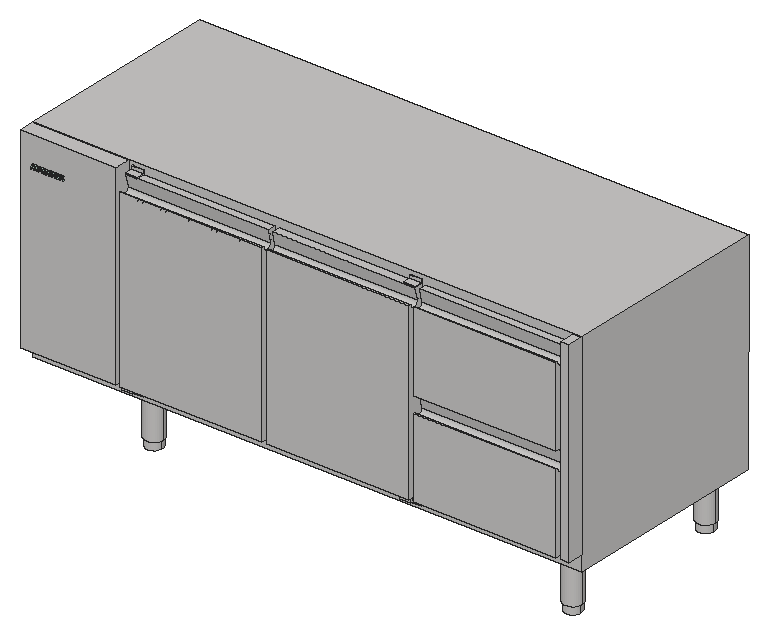
Revit family "QF_ALPENINOX_721130_AA3R7AAB", category Attrezzature speciali, Revit 2018
Family settings
  Quota connettore circolare = Usa diametro
  Tipo di parte = Normale
  Basato su piano di lavoro = No
  Sempre verticale = Sì
  Taglio con vuoti quando caricato = No
  Condiviso = No
  Punto di calcolo locali = No
Parameters (values of type "Standard")
  Weight = 112.00 kg
  Watts = 220 W
  Volts = 220 V
  URL Manufacturer = "http://www.alpeninox.com"
  URL = "http://www.alpeninox.com"
  Steam Supply Size = 0 mm
  Steam Supply Minimum Pressure = 0.0 Pa
  Steam Supply Maximum Pressure = 0.0 Pa
  Steam Consumption per Hour = 0
  Refrigeration Suction Line Size = 0 mm
  Refrigeration Liquid Line Size = 0 mm
  Refrigerant Compressor Remote = yes
  Produttore = "Alpeninox"
  Phase = 1
  Modello = "AA3R7AAB"
  Length Actual = 1695 mm  # constant formula
  Item Number = "721130"
  Hot Water Size = 0 mm
  Height Actual = 800 mm  # constant formula
  HP = "0.3 HP"
  Gas Size = 0 mm
  Gas KW = 0
  Gas Input Pressure = 0 W
  Direct Waste Size = 0 mm
  Descrizione = "2-DOOR AND 2X1/2-DRAWER REFRIGERATED COUNTER, -2+10°C, FULL AISI 304 (R290), WITHOUT WORK TOP"
  Depth Actual = 700 mm  # constant formula
  Cycle = 50 Hz
  Condensate Return Size = 0 mm
  Compressed Air Volume = 0.0 L/s
  Compressed Air Size = 0 mm
  Compressed Air Pressure = 0.0 Pa
  Cold Water Size = 0 mm
  Accessory = yes
Values of the unnamed type that differ from the named types
  Weight = 0.00 kg
  Watts = 0 W
  Volts = 0 V
  URL Manufacturer = ""
  Item Number = ""
  HP = ""
  Cycle = 0 Hz
Reference planes
  plane 1: z = 0
  plane 2 "Center (Left/Right)": x = -126.5
  plane 3 "Center (Front/Back)": y = 64.5
  plane 4 "FEET": z = 150
  plane 5 "TOP": z = 850
  plane 6 "PLAIN": z = 800
  plane 7 "EI_back": y = 103
  plane 8 "EI_left": x = -913
  plane 9 "BACK": y = 412
  plane 10 "FRONT": y = -283
  plane 11 "DOOR": y = -233
  plane 12 "LEFT": x = -974
  plane 13 "RIGHT": x = 721
  plane 14: x = -949
  plane 15: x = 696
Forms (mm)
  Extrusion 1, solid, material "QF_Finishes_Stainless Steel"
    sketch origin (-1022.223, -1524, 150) x (-1, 0, 0) y (0, -1, 0)
      loop
        circle (-109.223, -1627) r 5
    from 0 to -40
  Extrusion 2, solid, material "QF_Finishes_Stainless Steel"
    sketch origin (-1022.223, -1524, 150) x (-1, 0, 0) y (0, -1, 0)
      loop
        line (-1718.223, -1291) -> (-1718.223, -1241) -> (-1743.223, -1241) -> (-1743.223, -1291) -> (-1718.223, -1291)
    from 48 to 650
  Extrusion 3, solid, material "QF_Finishes_Stainless Steel"
    sketch origin (-1022.223, -1524, 150) x (-1, 0, 0) y (0, -1, 0)
      loop
        line (-48.223, -1936) -> (-48.223, -1291) -> (-1743.223, -1291) -> (-1743.223, -1936) -> (-48.223, -1936)
    from 0 to 650
Lines and regions (mm)
  symbolic lines, style "SpecialityEquipmentHiddenLines"
    curve 1: line (-974, 412, 150) -> (721, 412, 150)
    curve 2: line (-974, -283, 150) -> (-974, 412, 150)
    curve 3: line (721, -283, 150) -> (-974, -283, 150)
    curve 4: line (721, 412, 150) -> (721, -283, 150)
    curve 5: line (-974, -233, 150) -> (721, -233, 150)
    curve 6: line (696, -283, 150) -> (696, -233, 150)
Dimensions and locks
  plane 4 "FEET" to level = 150 mm
  plane 11 "DOOR" to plane 10 "FRONT" = 50 mm
  plane 6 "PLAIN" to plane 4 "FEET" = 650 mm
  plane 5 "TOP" to plane 6 "PLAIN" = 50 mm
  plane 12 "LEFT" to plane 14 = 25 mm
  plane 15 to plane 13 "RIGHT" = 25 mm
  plane 9 "BACK" to plane 7 "EI_back" = 309 mm
  plane 12 "LEFT" to plane 8 "EI_left" = 61 mm
  plane 12 "LEFT" to plane 13 "RIGHT" = 1695 mm
  equal spacing: plane 12 "LEFT", plane 2 "Center (Left/Right)", plane 13 "RIGHT"
  plane 9 "BACK" to plane 10 "FRONT" = 695 mm
  equal spacing: plane 9 "BACK", plane 3 "Center (Front/Back)", plane 10 "FRONT"
  aligned and locked: level to plane 1
Automatic sketch dimensions
  Extrusion 1 sketch curve to plane 7 "EI_back" = 0 mm
  Extrusion 1 sketch curve to plane 8 "EI_left" = 0 mm
  Extrusion 2 sketch curve to plane 11 "DOOR" = 0 mm
  Extrusion 2 sketch curve to plane 13 "RIGHT" = 0 mm
  Extrusion 2 sketch curve to plane 10 "FRONT" = 0 mm
  Extrusion 2 sketch curve to plane 15 = 0 mm
  Extrusion 3 sketch curve to plane 9 "BACK" = 0 mm
  Extrusion 3 sketch curve to plane 13 "RIGHT" = 0 mm
  Extrusion 3 sketch curve to plane 11 "DOOR" = 0 mm
  Extrusion 3 sketch curve to plane 12 "LEFT" = 0 mm
  curve 1 to plane 13 "RIGHT" = 0 mm
  curve 6 to plane 10 "FRONT" = 0 mm
  curve 6 to plane 15 = 0 mm
  curve 5 to plane 12 "LEFT" = 0 mm
  curve 6 to plane 11 "DOOR" = 0 mm
  curve 1 to plane 9 "BACK" = 0 mm
  radius of Extrusion 1 sketch curve = 5 mm
Nested families
  nested 1: "HP_Refrigerator" at (721, -283, 0), type "HP_Refrigerator"
  nested 2: "HP_FEET" at (-640, 331, 0), type "HP_FEET"
  nested 3: "HP_FEET" at (655, 331, 0), type "HP_FEET"
  nested 4: "HP_FEET" at (-640, -183, 0), type "HP_FEET"
  nested 5: "HP_FEET" at (655, -183, 0), type "HP_FEET"
  nested 6: "HP_APX_BI_TN_L" at (-767.08, -233, 548) x (1, 0, 0) z (0, -1, 0), type "HP_APX_BI_TN_L"
    with Show Logo yes
  nested 7: "HP_APX_SD_L" at (-446, -233, 458.88) x (1, 0, 0) z (0, -1, 0), type "HP_APX_SD_L"
    with Show Clearance yes
  nested 8: "HP_APX_SD_R" at (8, -233, 458.88) x (1, 0, 0) z (0, -1, 0), type "HP_APX_SD_R"
    with Show Clearance yes
  nested 9: "HP_APX_HALF" at (462, -233, 458.08) x (1, 0, 0) z (0, -1, 0), type "HP_APX_HALF"
    with Show Clearance yes
Connectors
  electrical at (-913, 103, 110), driven by "Volts"
    settings: on Extrusion 1, index 1, voltage 220 V, apparent load 0 VA, apparent load phase1 0 VA, apparent load phase2 0 VA, apparent load phase3 0 VA, power factor 1, load classification "Other", number of poles 1, system type 31, power factor state 1, is connector primary yes, connector utility no, sub classification motor no, connector description "Electrical Connection"
Definition of nested family "HP_FEET"
  Parameters
    FEET = 150 mm
  Reference planes
    plane 1 "Center (Front/Back)": y = 0
    plane 2: z = 0
    plane 3 "Center (Left/Right)": x = 0
    plane 4: z = 150
  Forms (mm)
    Revolve 1, solid
      sketch origin (255.05, 0, 608.09) x (0, 0, 1) y (-1, 0, 0)
        loop
          line (-608.09, 255.05) -> (-608.09, 230.05) -> (-583.09, 230.05) -> (-583.09, 226.05) -> (-458.09, 226.05) -> (-458.09, 255.05) -> (-608.09, 255.05)
        axis (-608.09, 255.05) -> (-458.09, 255.05)
      angle from 0 to 360
  Dimensions and locks
    locked: Revolve 1 sketch curve to Revolve 1 sketch curve at 125
    "FEET": plane 4 to plane 2
    aligned and locked: level to plane 2
    aligned and locked: plane 4 to Revolve 1 sketch curve
    aligned and locked: Revolve 1 sketch curve to level
    aligned and locked: plane 3 "Center (Left/Right)" to Revolve 1 sketch curve
  Automatic sketch dimensions
    Revolve 1 sketch curve to plane 3 "Center (Left/Right)" = 0 mm
    Revolve 1 sketch curve to Revolve 1 sketch curve = 25 mm
    Revolve 1 sketch curve to Revolve 1 sketch curve = 29 mm
    plane 4 to Revolve 1 sketch curve = 50 mm
    Revolve 1 sketch curve to Revolve 1 sketch curve = 20 mm
Definition of nested family "HP_APX_BI_TN_L"
  Parameters
    Show Logo [instance] = yes
    Default Elevation = 1219.2 mm
  Reference planes
    plane 1 "Center (Front/Back)": y = -49
    plane 2: z = 0
    plane 3 "Center (Left/Right)": x = -59.92
    plane 4: x = -206.92
    plane 5: x = 87.08
    plane 6: y = 252
    plane 7: y = -350
  Forms (mm)
    Extrusion 1, solid
      sketch origin (0, 0, 0) x (1, 0, 0) y (0, 1, 0)
        loop
          line (-1219.2, 1219.2) -> (-1219.2, -1219.2) -> (1219.2, -1219.2) -> (1219.2, 1219.2) -> (-1219.2, 1219.2)
      from 0 to -304.8
    Extrusion 2, solid
      sketch origin (0, 0, 0) x (1, 0, 0) y (0, 1, 0)
        loop
          line (-206.92, 252) -> (-206.92, -350) -> (87.08, -350) -> (87.08, 252) -> (-206.92, 252)
      from 0 to 50
    Extrusion 3, solid
      sketch origin (0, 0, 0) x (1, 0, 0) y (0, 1, 0)
        loop
          line (-168.675, 170.349) -> (-172.411, 160.318)
          arc (-172.411, 160.318) -> (-171.624, 158.497) -> (-169.837, 159.36) r 1.374
          line (-169.837, 159.36) -> (-169.268, 161.111) -> (-164.1, 161.111) -> (-163.54, 159.379)
          arc (-163.54, 159.379) -> (-161.802, 158.542) -> (-161.049, 160.318) r 1.333
          line (-161.049, 160.318) -> (-164.694, 170.349)
          arc (-164.694, 170.349) -> (-166.685, 171.876) -> (-168.675, 170.349) r 2.06
        loop
          line (-166.681, 169.055) -> (-168.469, 163.655) -> (-164.935, 163.655) -> (-166.681, 169.055)
        loop
          arc (-159.705, 160.042) -> (-159.262, 158.973) -> (-158.194, 158.531) r 1.512
          line (-158.194, 158.531) -> (-153.608, 158.531)
          arc (-153.608, 158.531) -> (-152.337, 159.802) -> (-153.608, 161.074) r 1.272
          line (-153.608, 161.074) -> (-156.917, 161.074) -> (-156.917, 170.328)
          arc (-156.917, 170.328) -> (-158.311, 171.722) -> (-159.705, 170.328) r 1.394
          line (-159.705, 170.328) -> (-159.705, 160.042)
        loop
          line (-151.076, 170.218) -> (-151.076, 159.859)
          arc (-151.076, 159.859) -> (-149.683, 158.466) -> (-148.29, 159.859) r 1.393
          line (-148.29, 159.859) -> (-148.29, 162.882) -> (-146.225, 162.882)
          arc (-146.225, 162.882) -> (-142.999, 163.859) -> (-141.608, 166.928) r 4.082
          arc (-141.608, 166.928) -> (-142.993, 170.272) -> (-146.336, 171.657) r 4.728
          line (-146.336, 171.657) -> (-149.638, 171.657)
          arc (-149.638, 171.657) -> (-150.655, 171.235) -> (-151.076, 170.218) r 1.439
        loop
          line (-148.29, 165.313) -> (-146.388, 165.313)
          arc (-146.388, 165.313) -> (-144.433, 167.268) -> (-146.388, 169.222) r 1.955
          line (-146.388, 169.222) -> (-148.29, 169.222) -> (-148.29, 165.313)
        loop
          arc (-131.184, 166.332) -> (-132.004, 168.2) -> (-133.767, 169.228) r 3.3
          arc (-133.767, 169.228) -> (-136.353, 168.661) -> (-137.611, 166.332) r 3.176
          line (-137.611, 166.332) -> (-131.184, 166.332)
        loop
          line (-137.538, 163.743) -> (-130.544, 163.743)
          arc (-130.544, 163.743) -> (-129.292, 163.916) -> (-128.301, 164.701) r 2.4
          arc (-128.301, 164.701) -> (-128.155, 165.545) -> (-128.212, 166.399) r 3.635
          arc (-128.212, 166.399) -> (-130.364, 170.162) -> (-134.39, 171.769) r 6.579
          arc (-134.39, 171.769) -> (-138.918, 169.706) -> (-140.661, 165.044) r 6.501
          arc (-140.661, 165.044) -> (-139.276, 160.789) -> (-135.401, 158.549) r 6.252
          arc (-135.401, 158.549) -> (-132.922, 158.526) -> (-130.544, 159.232) r 8.361
          arc (-130.544, 159.232) -> (-129.466, 159.781) -> (-128.641, 160.666) r 3.486
          arc (-128.641, 160.666) -> (-128.419, 161.592) -> (-128.828, 162.451) r 1.425
          arc (-128.828, 162.451) -> (-129.368, 162.762) -> (-129.99, 162.762) r 1.203
          arc (-129.99, 162.762) -> (-130.406, 162.59) -> (-130.764, 162.316) r 1.724
          arc (-130.764, 162.316) -> (-131.666, 161.705) -> (-132.646, 161.229) r 7.6
          arc (-132.646, 161.229) -> (-135.676, 161.35) -> (-137.538, 163.743) r 3.6
        loop
          line (-126.669, 170.328) -> (-126.669, 159.859)
          arc (-126.669, 159.859) -> (-125.273, 158.463) -> (-123.878, 159.859) r 1.396
          line (-123.878, 159.859) -> (-123.878, 166.785) -> (-117.946, 159.029)
          arc (-117.946, 159.029) -> (-116.361, 158.51) -> (-115.379, 159.859) r 1.417
          line (-115.379, 159.859) -> (-115.379, 170.328)
          arc (-115.379, 170.328) -> (-116.774, 171.723) -> (-118.169, 170.328) r 1.395
          line (-118.169, 170.328) -> (-118.169, 163.311) -> (-124.101, 171.157)
          arc (-124.101, 171.157) -> (-125.687, 171.678) -> (-126.669, 170.328) r 1.418
        loop
          arc (-113.636, 159.859) -> (-112.241, 158.464) -> (-110.847, 159.859) r 1.394
          line (-110.847, 159.859) -> (-110.847, 170.328)
          arc (-110.847, 170.328) -> (-112.241, 171.723) -> (-113.636, 170.328) r 1.394
          line (-113.636, 170.328) -> (-113.636, 159.859)
        loop
          line (-109.102, 170.328) -> (-109.102, 159.859)
          arc (-109.102, 159.859) -> (-107.706, 158.463) -> (-106.31, 159.859) r 1.396
          line (-106.31, 159.859) -> (-106.31, 166.785) -> (-100.378, 159.029)
          arc (-100.378, 159.029) -> (-98.793, 158.51) -> (-97.812, 159.859) r 1.417
          line (-97.812, 159.859) -> (-97.812, 170.328)
          arc (-97.812, 170.328) -> (-99.207, 171.723) -> (-100.602, 170.328) r 1.395
          line (-100.602, 170.328) -> (-100.602, 163.311) -> (-106.533, 171.157)
          arc (-106.533, 171.157) -> (-108.119, 171.678) -> (-109.102, 170.328) r 1.418
        loop
          arc (-96.345, 165.093) -> (-95.619, 161.877) -> (-93.467, 159.379) r 6.806
          arc (-93.467, 159.379) -> (-91.792, 158.566) -> (-89.948, 158.31) r 5.956
          arc (-89.948, 158.31) -> (-88.104, 158.566) -> (-86.43, 159.379) r 5.956
          arc (-86.43, 159.379) -> (-84.277, 161.877) -> (-83.551, 165.093) r 6.806
          arc (-83.551, 165.093) -> (-84.277, 168.31) -> (-86.43, 170.808) r 6.806
          arc (-86.43, 170.808) -> (-88.104, 171.621) -> (-89.948, 171.877) r 5.956
          arc (-89.948, 171.877) -> (-91.792, 171.621) -> (-93.467, 170.808) r 5.956
          arc (-93.467, 170.808) -> (-95.619, 168.31) -> (-96.345, 165.093) r 6.806
        loop
          arc (-93.425, 165.093) -> (-93.138, 163.212) -> (-92.081, 161.629) r 4.387
          arc (-92.081, 161.629) -> (-91.087, 161.049) -> (-89.948, 160.881) r 3.035
          arc (-89.948, 160.881) -> (-88.809, 161.049) -> (-87.815, 161.629) r 3.035
          arc (-87.815, 161.629) -> (-86.759, 163.212) -> (-86.472, 165.093) r 4.387
          arc (-86.472, 165.093) -> (-86.759, 166.975) -> (-87.815, 168.558) r 4.387
          arc (-87.815, 168.558) -> (-88.809, 169.138) -> (-89.948, 169.306) r 3.035
          arc (-89.948, 169.306) -> (-91.087, 169.138) -> (-92.081, 168.558) r 3.035
          arc (-92.081, 168.558) -> (-93.138, 166.975) -> (-93.425, 165.093) r 4.387
        loop
          line (-83.139, 169.609) -> (-80.126, 165.552) -> (-83.81, 160.652)
          arc (-83.81, 160.652) -> (-83.512, 158.692) -> (-81.559, 159.029) r 1.388
          line (-81.559, 159.029) -> (-78.51, 163.232) -> (-75.461, 159.029)
          arc (-75.461, 159.029) -> (-73.507, 158.692) -> (-73.21, 160.652) r 1.388
          line (-73.21, 160.652) -> (-76.894, 165.552) -> (-73.881, 169.609)
          arc (-73.881, 169.609) -> (-74.249, 171.597) -> (-76.205, 171.084) r 1.38
          line (-76.205, 171.084) -> (-78.51, 167.841) -> (-80.815, 171.084)
          arc (-80.815, 171.084) -> (-82.771, 171.597) -> (-83.139, 169.609) r 1.38
      from 50 to 51.6
    Extrusion 4, solid, not visible
      sketch origin (0, 0, 0) x (1, 0, 0) y (0, 1, 0)
        loop
          line (-206.92, 252) -> (-206.92, -400) -> (87.08, -400) -> (87.08, 252) -> (-206.92, 252)
      from 0 to 50
  Lines and regions (mm)
    Split face 1
      outline origin (0, 0, 50) x (1, 0, 0) y (0, 1, 0)
        loop
          line (87.08, 183) -> (-172.92, 183)
          arc (-172.92, 183) -> (-190.42, 165.5) -> (-172.92, 148) r 17.5
          line (-172.92, 148) -> (87.08, 148)
    Split face 2
      outline origin (-38, 0, 50) x (1, 0, 0) y (0, 1, 0)
        loop
          line (-5.42, 177) -> (-5.42, 154) -> (64.58, 154) -> (64.58, 177) -> (-5.42, 177)
    Split face 3
      outline origin (-38, 0, 50) x (1, 0, 0) y (0, 1, 0)
        loop
          line (44.58, 174) -> (44.58, 157) -> (61.58, 157) -> (61.58, 174) -> (44.58, 174)
    Split face 4
      outline origin (0, 0, 50) x (1, 0, 0) y (0, 1, 0)
        loop
          line (-206.92, 188) -> (87.08, 188)
    Split face 5
      outline origin (0, 0, 50) x (1, 0, 0) y (0, 1, 0)
        loop
          arc (-163.464, 131.824) -> (-167.464, 127.824) -> (-163.464, 123.824) r 4
          line (-163.464, 123.824) -> (-121.464, 123.824)
          arc (-121.464, 123.824) -> (-117.464, 127.824) -> (-121.464, 131.824) r 4
          line (-121.464, 131.824) -> (-163.464, 131.824)
    Split face 6
      outline origin (330, 0, 50) x (1, 0, 0) y (0, 1, 0)
        loop
          arc (-328.464, 131.824) -> (-332.464, 127.824) -> (-328.464, 123.824) r 4
          line (-328.464, 123.824) -> (-286.464, 123.824)
          arc (-286.464, 123.824) -> (-282.464, 127.824) -> (-286.464, 131.824) r 4
          line (-286.464, 131.824) -> (-328.464, 131.824)
    Split face 7
      outline origin (110, 0, 50) x (1, 0, 0) y (0, 1, 0)
        loop
          arc (-218.464, 131.824) -> (-222.464, 127.824) -> (-218.464, 123.824) r 4
          line (-218.464, 123.824) -> (-176.464, 123.824)
          arc (-176.464, 123.824) -> (-172.464, 127.824) -> (-176.464, 131.824) r 4
          line (-176.464, 131.824) -> (-218.464, 131.824)
    Split face 8
      outline origin (220, 0, 50) x (1, 0, 0) y (0, 1, 0)
        loop
          arc (-273.464, 131.824) -> (-277.464, 127.824) -> (-273.464, 123.824) r 4
          line (-273.464, 123.824) -> (-231.464, 123.824)
          arc (-231.464, 123.824) -> (-227.464, 127.824) -> (-231.464, 131.824) r 4
          line (-231.464, 131.824) -> (-273.464, 131.824)
    Split face 9, not visible
      outline origin (0, 0, 50) x (1, 0, 0) y (0, 1, 0)
        loop
          arc (-163.464, 131.824) -> (-167.464, 127.824) -> (-163.464, 123.824) r 4
          line (-163.464, 123.824) -> (-121.464, 123.824)
          arc (-121.464, 123.824) -> (-117.464, 127.824) -> (-121.464, 131.824) r 4
          line (-121.464, 131.824) -> (-163.464, 131.824)
    Split face 10
      outline origin (0, -24, 50) x (1, 0, 0) y (0, 1, 0)
        loop
          arc (-163.464, 143.824) -> (-167.464, 139.824) -> (-163.464, 135.824) r 4
          line (-163.464, 135.824) -> (-121.464, 135.824)
          arc (-121.464, 135.824) -> (-117.464, 139.824) -> (-121.464, 143.824) r 4
          line (-121.464, 143.824) -> (-163.464, 143.824)
    Split face 11
      outline origin (330, -24, 50) x (1, 0, 0) y (0, 1, 0)
        loop
          arc (-328.464, 143.824) -> (-332.464, 139.824) -> (-328.464, 135.824) r 4
          line (-328.464, 135.824) -> (-286.464, 135.824)
          arc (-286.464, 135.824) -> (-282.464, 139.824) -> (-286.464, 143.824) r 4
          line (-286.464, 143.824) -> (-328.464, 143.824)
    Split face 12
      outline origin (110, -24, 50) x (1, 0, 0) y (0, 1, 0)
        loop
          arc (-218.464, 143.824) -> (-222.464, 139.824) -> (-218.464, 135.824) r 4
          line (-218.464, 135.824) -> (-176.464, 135.824)
          arc (-176.464, 135.824) -> (-172.464, 139.824) -> (-176.464, 143.824) r 4
          line (-176.464, 143.824) -> (-218.464, 143.824)
    Split face 13
      outline origin (220, -24, 50) x (1, 0, 0) y (0, 1, 0)
        loop
          arc (-273.464, 143.824) -> (-277.464, 139.824) -> (-273.464, 135.824) r 4
          line (-273.464, 135.824) -> (-231.464, 135.824)
          arc (-231.464, 135.824) -> (-227.464, 139.824) -> (-231.464, 143.824) r 4
          line (-231.464, 143.824) -> (-273.464, 143.824)
    Split face 14
      outline origin (0, -48, 50) x (1, 0, 0) y (0, 1, 0)
        loop
          arc (-163.464, 155.824) -> (-167.464, 151.824) -> (-163.464, 147.824) r 4
          line (-163.464, 147.824) -> (-121.464, 147.824)
          arc (-121.464, 147.824) -> (-117.464, 151.824) -> (-121.464, 155.824) r 4
          line (-121.464, 155.824) -> (-163.464, 155.824)
    Split face 15
      outline origin (330, -48, 50) x (1, 0, 0) y (0, 1, 0)
        loop
          arc (-328.464, 155.824) -> (-332.464, 151.824) -> (-328.464, 147.824) r 4
          line (-328.464, 147.824) -> (-286.464, 147.824)
          arc (-286.464, 147.824) -> (-282.464, 151.824) -> (-286.464, 155.824) r 4
          line (-286.464, 155.824) -> (-328.464, 155.824)
    Split face 16
      outline origin (110, -48, 50) x (1, 0, 0) y (0, 1, 0)
        loop
          arc (-218.464, 155.824) -> (-222.464, 151.824) -> (-218.464, 147.824) r 4
          line (-218.464, 147.824) -> (-176.464, 147.824)
          arc (-176.464, 147.824) -> (-172.464, 151.824) -> (-176.464, 155.824) r 4
          line (-176.464, 155.824) -> (-218.464, 155.824)
    Split face 17
      outline origin (220, -48, 50) x (1, 0, 0) y (0, 1, 0)
        loop
          arc (-273.464, 155.824) -> (-277.464, 151.824) -> (-273.464, 147.824) r 4
          line (-273.464, 147.824) -> (-231.464, 147.824)
          arc (-231.464, 147.824) -> (-227.464, 151.824) -> (-231.464, 155.824) r 4
          line (-231.464, 155.824) -> (-273.464, 155.824)
    Split face 18
      outline origin (0, -72, 50) x (1, 0, 0) y (0, 1, 0)
        loop
          arc (-163.464, 167.824) -> (-167.464, 163.824) -> (-163.464, 159.824) r 4
          line (-163.464, 159.824) -> (-121.464, 159.824)
          arc (-121.464, 159.824) -> (-117.464, 163.824) -> (-121.464, 167.824) r 4
          line (-121.464, 167.824) -> (-163.464, 167.824)
    Split face 19
      outline origin (330, -72, 50) x (1, 0, 0) y (0, 1, 0)
        loop
          arc (-328.464, 167.824) -> (-332.464, 163.824) -> (-328.464, 159.824) r 4
          line (-328.464, 159.824) -> (-286.464, 159.824)
          arc (-286.464, 159.824) -> (-282.464, 163.824) -> (-286.464, 167.824) r 4
          line (-286.464, 167.824) -> (-328.464, 167.824)
    Split face 20
      outline origin (110, -72, 50) x (1, 0, 0) y (0, 1, 0)
        loop
          arc (-218.464, 167.824) -> (-222.464, 163.824) -> (-218.464, 159.824) r 4
          line (-218.464, 159.824) -> (-176.464, 159.824)
          arc (-176.464, 159.824) -> (-172.464, 163.824) -> (-176.464, 167.824) r 4
          line (-176.464, 167.824) -> (-218.464, 167.824)
    Split face 21
      outline origin (220, -72, 50) x (1, 0, 0) y (0, 1, 0)
        loop
          arc (-273.464, 167.824) -> (-277.464, 163.824) -> (-273.464, 159.824) r 4
          line (-273.464, 159.824) -> (-231.464, 159.824)
          arc (-231.464, 159.824) -> (-227.464, 163.824) -> (-231.464, 167.824) r 4
          line (-231.464, 167.824) -> (-273.464, 167.824)
    Split face 22
      outline origin (0, -96, 50) x (1, 0, 0) y (0, 1, 0)
        loop
          arc (-163.464, 179.824) -> (-167.464, 175.824) -> (-163.464, 171.824) r 4
          line (-163.464, 171.824) -> (-121.464, 171.824)
          arc (-121.464, 171.824) -> (-117.464, 175.824) -> (-121.464, 179.824) r 4
          line (-121.464, 179.824) -> (-163.464, 179.824)
    Split face 23
      outline origin (330, -96, 50) x (1, 0, 0) y (0, 1, 0)
        loop
          arc (-328.464, 179.824) -> (-332.464, 175.824) -> (-328.464, 171.824) r 4
          line (-328.464, 171.824) -> (-286.464, 171.824)
          arc (-286.464, 171.824) -> (-282.464, 175.824) -> (-286.464, 179.824) r 4
          line (-286.464, 179.824) -> (-328.464, 179.824)
    Split face 24
      outline origin (110, -96, 50) x (1, 0, 0) y (0, 1, 0)
        loop
          arc (-218.464, 179.824) -> (-222.464, 175.824) -> (-218.464, 171.824) r 4
          line (-218.464, 171.824) -> (-176.464, 171.824)
          arc (-176.464, 171.824) -> (-172.464, 175.824) -> (-176.464, 179.824) r 4
          line (-176.464, 179.824) -> (-218.464, 179.824)
    Split face 25
      outline origin (220, -96, 50) x (1, 0, 0) y (0, 1, 0)
        loop
          arc (-273.464, 179.824) -> (-277.464, 175.824) -> (-273.464, 171.824) r 4
          line (-273.464, 171.824) -> (-231.464, 171.824)
          arc (-231.464, 171.824) -> (-227.464, 175.824) -> (-231.464, 179.824) r 4
          line (-231.464, 179.824) -> (-273.464, 179.824)
    Split face 26
      outline origin (0, -120, 50) x (1, 0, 0) y (0, 1, 0)
        loop
          arc (-163.464, 191.824) -> (-167.464, 187.824) -> (-163.464, 183.824) r 4
          line (-163.464, 183.824) -> (-121.464, 183.824)
          arc (-121.464, 183.824) -> (-117.464, 187.824) -> (-121.464, 191.824) r 4
          line (-121.464, 191.824) -> (-163.464, 191.824)
    Split face 27
      outline origin (330, -120, 50) x (1, 0, 0) y (0, 1, 0)
        loop
          arc (-328.464, 191.824) -> (-332.464, 187.824) -> (-328.464, 183.824) r 4
          line (-328.464, 183.824) -> (-286.464, 183.824)
          arc (-286.464, 183.824) -> (-282.464, 187.824) -> (-286.464, 191.824) r 4
          line (-286.464, 191.824) -> (-328.464, 191.824)
    Split face 28
      outline origin (110, -120, 50) x (1, 0, 0) y (0, 1, 0)
        loop
          arc (-218.464, 191.824) -> (-222.464, 187.824) -> (-218.464, 183.824) r 4
          line (-218.464, 183.824) -> (-176.464, 183.824)
          arc (-176.464, 183.824) -> (-172.464, 187.824) -> (-176.464, 191.824) r 4
          line (-176.464, 191.824) -> (-218.464, 191.824)
    Split face 29
      outline origin (220, -120, 50) x (1, 0, 0) y (0, 1, 0)
        loop
          arc (-273.464, 191.824) -> (-277.464, 187.824) -> (-273.464, 183.824) r 4
          line (-273.464, 183.824) -> (-231.464, 183.824)
          arc (-231.464, 183.824) -> (-227.464, 187.824) -> (-231.464, 191.824) r 4
          line (-231.464, 191.824) -> (-273.464, 191.824)
    Split face 30
      outline origin (0, -144, 50) x (1, 0, 0) y (0, 1, 0)
        loop
          arc (-163.464, 203.824) -> (-167.464, 199.824) -> (-163.464, 195.824) r 4
          line (-163.464, 195.824) -> (-121.464, 195.824)
          arc (-121.464, 195.824) -> (-117.464, 199.824) -> (-121.464, 203.824) r 4
          line (-121.464, 203.824) -> (-163.464, 203.824)
    Split face 31
      outline origin (330, -144, 50) x (1, 0, 0) y (0, 1, 0)
        loop
          arc (-328.464, 203.824) -> (-332.464, 199.824) -> (-328.464, 195.824) r 4
          line (-328.464, 195.824) -> (-286.464, 195.824)
          arc (-286.464, 195.824) -> (-282.464, 199.824) -> (-286.464, 203.824) r 4
          line (-286.464, 203.824) -> (-328.464, 203.824)
    Split face 32
      outline origin (110, -144, 50) x (1, 0, 0) y (0, 1, 0)
        loop
          arc (-218.464, 203.824) -> (-222.464, 199.824) -> (-218.464, 195.824) r 4
          line (-218.464, 195.824) -> (-176.464, 195.824)
          arc (-176.464, 195.824) -> (-172.464, 199.824) -> (-176.464, 203.824) r 4
          line (-176.464, 203.824) -> (-218.464, 203.824)
    Split face 33
      outline origin (220, -144, 50) x (1, 0, 0) y (0, 1, 0)
        loop
          arc (-273.464, 203.824) -> (-277.464, 199.824) -> (-273.464, 195.824) r 4
          line (-273.464, 195.824) -> (-231.464, 195.824)
          arc (-231.464, 195.824) -> (-227.464, 199.824) -> (-231.464, 203.824) r 4
          line (-231.464, 203.824) -> (-273.464, 203.824)
    Split face 34
      outline origin (0, -168, 50) x (1, 0, 0) y (0, 1, 0)
        loop
          arc (-163.464, 215.824) -> (-167.464, 211.824) -> (-163.464, 207.824) r 4
          line (-163.464, 207.824) -> (-121.464, 207.824)
          arc (-121.464, 207.824) -> (-117.464, 211.824) -> (-121.464, 215.824) r 4
          line (-121.464, 215.824) -> (-163.464, 215.824)
    Split face 35
      outline origin (330, -168, 50) x (1, 0, 0) y (0, 1, 0)
        loop
          arc (-328.464, 215.824) -> (-332.464, 211.824) -> (-328.464, 207.824) r 4
          line (-328.464, 207.824) -> (-286.464, 207.824)
          arc (-286.464, 207.824) -> (-282.464, 211.824) -> (-286.464, 215.824) r 4
          line (-286.464, 215.824) -> (-328.464, 215.824)
    Split face 36
      outline origin (110, -168, 50) x (1, 0, 0) y (0, 1, 0)
        loop
          arc (-218.464, 215.824) -> (-222.464, 211.824) -> (-218.464, 207.824) r 4
          line (-218.464, 207.824) -> (-176.464, 207.824)
          arc (-176.464, 207.824) -> (-172.464, 211.824) -> (-176.464, 215.824) r 4
          line (-176.464, 215.824) -> (-218.464, 215.824)
    Split face 37
      outline origin (220, -168, 50) x (1, 0, 0) y (0, 1, 0)
        loop
          arc (-273.464, 215.824) -> (-277.464, 211.824) -> (-273.464, 207.824) r 4
          line (-273.464, 207.824) -> (-231.464, 207.824)
          arc (-231.464, 207.824) -> (-227.464, 211.824) -> (-231.464, 215.824) r 4
          line (-231.464, 215.824) -> (-273.464, 215.824)
    Split face 38
      outline origin (0, -192, 50) x (1, 0, 0) y (0, 1, 0)
        loop
          arc (-163.464, 227.824) -> (-167.464, 223.824) -> (-163.464, 219.824) r 4
          line (-163.464, 219.824) -> (-121.464, 219.824)
          arc (-121.464, 219.824) -> (-117.464, 223.824) -> (-121.464, 227.824) r 4
          line (-121.464, 227.824) -> (-163.464, 227.824)
    Split face 39
      outline origin (330, -192, 50) x (1, 0, 0) y (0, 1, 0)
        loop
          arc (-328.464, 227.824) -> (-332.464, 223.824) -> (-328.464, 219.824) r 4
          line (-328.464, 219.824) -> (-286.464, 219.824)
          arc (-286.464, 219.824) -> (-282.464, 223.824) -> (-286.464, 227.824) r 4
          line (-286.464, 227.824) -> (-328.464, 227.824)
    Split face 40
      outline origin (110, -192, 50) x (1, 0, 0) y (0, 1, 0)
        loop
          arc (-218.464, 227.824) -> (-222.464, 223.824) -> (-218.464, 219.824) r 4
          line (-218.464, 219.824) -> (-176.464, 219.824)
          arc (-176.464, 219.824) -> (-172.464, 223.824) -> (-176.464, 227.824) r 4
          line (-176.464, 227.824) -> (-218.464, 227.824)
    Split face 41
      outline origin (220, -192, 50) x (1, 0, 0) y (0, 1, 0)
        loop
          arc (-273.464, 227.824) -> (-277.464, 223.824) -> (-273.464, 219.824) r 4
          line (-273.464, 219.824) -> (-231.464, 219.824)
          arc (-231.464, 219.824) -> (-227.464, 223.824) -> (-231.464, 227.824) r 4
          line (-231.464, 227.824) -> (-273.464, 227.824)
    Split face 42
      outline origin (0, -216, 50) x (1, 0, 0) y (0, 1, 0)
        loop
          arc (-163.464, 239.824) -> (-167.464, 235.824) -> (-163.464, 231.824) r 4
          line (-163.464, 231.824) -> (-121.464, 231.824)
          arc (-121.464, 231.824) -> (-117.464, 235.824) -> (-121.464, 239.824) r 4
          line (-121.464, 239.824) -> (-163.464, 239.824)
    Split face 43
      outline origin (330, -216, 50) x (1, 0, 0) y (0, 1, 0)
        loop
          arc (-328.464, 239.824) -> (-332.464, 235.824) -> (-328.464, 231.824) r 4
          line (-328.464, 231.824) -> (-286.464, 231.824)
          arc (-286.464, 231.824) -> (-282.464, 235.824) -> (-286.464, 239.824) r 4
          line (-286.464, 239.824) -> (-328.464, 239.824)
    Split face 44
      outline origin (110, -216, 50) x (1, 0, 0) y (0, 1, 0)
        loop
          arc (-218.464, 239.824) -> (-222.464, 235.824) -> (-218.464, 231.824) r 4
          line (-218.464, 231.824) -> (-176.464, 231.824)
          arc (-176.464, 231.824) -> (-172.464, 235.824) -> (-176.464, 239.824) r 4
          line (-176.464, 239.824) -> (-218.464, 239.824)
    Split face 45
      outline origin (220, -216, 50) x (1, 0, 0) y (0, 1, 0)
        loop
          arc (-273.464, 239.824) -> (-277.464, 235.824) -> (-273.464, 231.824) r 4
          line (-273.464, 231.824) -> (-231.464, 231.824)
          arc (-231.464, 231.824) -> (-227.464, 235.824) -> (-231.464, 239.824) r 4
          line (-231.464, 239.824) -> (-273.464, 239.824)
    Split face 46
      outline origin (0, -240, 50) x (1, 0, 0) y (0, 1, 0)
        loop
          arc (-163.464, 251.824) -> (-167.464, 247.824) -> (-163.464, 243.824) r 4
          line (-163.464, 243.824) -> (-121.464, 243.824)
          arc (-121.464, 243.824) -> (-117.464, 247.824) -> (-121.464, 251.824) r 4
          line (-121.464, 251.824) -> (-163.464, 251.824)
    Split face 47
      outline origin (330, -240, 50) x (1, 0, 0) y (0, 1, 0)
        loop
          arc (-328.464, 251.824) -> (-332.464, 247.824) -> (-328.464, 243.824) r 4
          line (-328.464, 243.824) -> (-286.464, 243.824)
          arc (-286.464, 243.824) -> (-282.464, 247.824) -> (-286.464, 251.824) r 4
          line (-286.464, 251.824) -> (-328.464, 251.824)
    Split face 48
      outline origin (110, -240, 50) x (1, 0, 0) y (0, 1, 0)
        loop
          arc (-218.464, 251.824) -> (-222.464, 247.824) -> (-218.464, 243.824) r 4
          line (-218.464, 243.824) -> (-176.464, 243.824)
          arc (-176.464, 243.824) -> (-172.464, 247.824) -> (-176.464, 251.824) r 4
          line (-176.464, 251.824) -> (-218.464, 251.824)
    Split face 49
      outline origin (220, -240, 50) x (1, 0, 0) y (0, 1, 0)
        loop
          arc (-273.464, 251.824) -> (-277.464, 247.824) -> (-273.464, 243.824) r 4
          line (-273.464, 243.824) -> (-231.464, 243.824)
          arc (-231.464, 243.824) -> (-227.464, 247.824) -> (-231.464, 251.824) r 4
          line (-231.464, 251.824) -> (-273.464, 251.824)
    Split face 50
      outline origin (0, -264, 50) x (1, 0, 0) y (0, 1, 0)
        loop
          arc (-163.464, 263.824) -> (-167.464, 259.824) -> (-163.464, 255.824) r 4
          line (-163.464, 255.824) -> (-121.464, 255.824)
          arc (-121.464, 255.824) -> (-117.464, 259.824) -> (-121.464, 263.824) r 4
          line (-121.464, 263.824) -> (-163.464, 263.824)
    Split face 51
      outline origin (330, -264, 50) x (1, 0, 0) y (0, 1, 0)
        loop
          arc (-328.464, 263.824) -> (-332.464, 259.824) -> (-328.464, 255.824) r 4
          line (-328.464, 255.824) -> (-286.464, 255.824)
          arc (-286.464, 255.824) -> (-282.464, 259.824) -> (-286.464, 263.824) r 4
          line (-286.464, 263.824) -> (-328.464, 263.824)
    Split face 52
      outline origin (110, -264, 50) x (1, 0, 0) y (0, 1, 0)
        loop
          arc (-218.464, 263.824) -> (-222.464, 259.824) -> (-218.464, 255.824) r 4
          line (-218.464, 255.824) -> (-176.464, 255.824)
          arc (-176.464, 255.824) -> (-172.464, 259.824) -> (-176.464, 263.824) r 4
          line (-176.464, 263.824) -> (-218.464, 263.824)
    Split face 53
      outline origin (220, -264, 50) x (1, 0, 0) y (0, 1, 0)
        loop
          arc (-273.464, 263.824) -> (-277.464, 259.824) -> (-273.464, 255.824) r 4
          line (-273.464, 255.824) -> (-231.464, 255.824)
          arc (-231.464, 255.824) -> (-227.464, 259.824) -> (-231.464, 263.824) r 4
          line (-231.464, 263.824) -> (-273.464, 263.824)
    Split face 54
      outline origin (0, -288, 50) x (1, 0, 0) y (0, 1, 0)
        loop
          arc (-163.464, 275.824) -> (-167.464, 271.824) -> (-163.464, 267.824) r 4
          line (-163.464, 267.824) -> (-121.464, 267.824)
          arc (-121.464, 267.824) -> (-117.464, 271.824) -> (-121.464, 275.824) r 4
          line (-121.464, 275.824) -> (-163.464, 275.824)
    Split face 55
      outline origin (330, -288, 50) x (1, 0, 0) y (0, 1, 0)
        loop
          arc (-328.464, 275.824) -> (-332.464, 271.824) -> (-328.464, 267.824) r 4
          line (-328.464, 267.824) -> (-286.464, 267.824)
          arc (-286.464, 267.824) -> (-282.464, 271.824) -> (-286.464, 275.824) r 4
          line (-286.464, 275.824) -> (-328.464, 275.824)
    Split face 56
      outline origin (110, -288, 50) x (1, 0, 0) y (0, 1, 0)
        loop
          arc (-218.464, 275.824) -> (-222.464, 271.824) -> (-218.464, 267.824) r 4
          line (-218.464, 267.824) -> (-176.464, 267.824)
          arc (-176.464, 267.824) -> (-172.464, 271.824) -> (-176.464, 275.824) r 4
          line (-176.464, 275.824) -> (-218.464, 275.824)
    Split face 57
      outline origin (220, -288, 50) x (1, 0, 0) y (0, 1, 0)
        loop
          arc (-273.464, 275.824) -> (-277.464, 271.824) -> (-273.464, 267.824) r 4
          line (-273.464, 267.824) -> (-231.464, 267.824)
          arc (-231.464, 267.824) -> (-227.464, 271.824) -> (-231.464, 275.824) r 4
          line (-231.464, 275.824) -> (-273.464, 275.824)
    Split face 58
      outline origin (0, -312, 50) x (1, 0, 0) y (0, 1, 0)
        loop
          arc (-163.464, 287.824) -> (-167.464, 283.824) -> (-163.464, 279.824) r 4
          line (-163.464, 279.824) -> (-121.464, 279.824)
          arc (-121.464, 279.824) -> (-117.464, 283.824) -> (-121.464, 287.824) r 4
          line (-121.464, 287.824) -> (-163.464, 287.824)
    Split face 59
      outline origin (330, -312, 50) x (1, 0, 0) y (0, 1, 0)
        loop
          arc (-328.464, 287.824) -> (-332.464, 283.824) -> (-328.464, 279.824) r 4
          line (-328.464, 279.824) -> (-286.464, 279.824)
          arc (-286.464, 279.824) -> (-282.464, 283.824) -> (-286.464, 287.824) r 4
          line (-286.464, 287.824) -> (-328.464, 287.824)
    Split face 60
      outline origin (110, -312, 50) x (1, 0, 0) y (0, 1, 0)
        loop
          arc (-218.464, 287.824) -> (-222.464, 283.824) -> (-218.464, 279.824) r 4
          line (-218.464, 279.824) -> (-176.464, 279.824)
          arc (-176.464, 279.824) -> (-172.464, 283.824) -> (-176.464, 287.824) r 4
          line (-176.464, 287.824) -> (-218.464, 287.824)
    Split face 61
      outline origin (220, -312, 50) x (1, 0, 0) y (0, 1, 0)
        loop
          arc (-273.464, 287.824) -> (-277.464, 283.824) -> (-273.464, 279.824) r 4
          line (-273.464, 279.824) -> (-231.464, 279.824)
          arc (-231.464, 279.824) -> (-227.464, 283.824) -> (-231.464, 287.824) r 4
          line (-231.464, 287.824) -> (-273.464, 287.824)
    Split face 62
      outline origin (0, -336, 50) x (1, 0, 0) y (0, 1, 0)
        loop
          arc (-163.464, 299.824) -> (-167.464, 295.824) -> (-163.464, 291.824) r 4
          line (-163.464, 291.824) -> (-121.464, 291.824)
          arc (-121.464, 291.824) -> (-117.464, 295.824) -> (-121.464, 299.824) r 4
          line (-121.464, 299.824) -> (-163.464, 299.824)
    Split face 63
      outline origin (330, -336, 50) x (1, 0, 0) y (0, 1, 0)
        loop
          arc (-328.464, 299.824) -> (-332.464, 295.824) -> (-328.464, 291.824) r 4
          line (-328.464, 291.824) -> (-286.464, 291.824)
          arc (-286.464, 291.824) -> (-282.464, 295.824) -> (-286.464, 299.824) r 4
          line (-286.464, 299.824) -> (-328.464, 299.824)
    Split face 64
      outline origin (110, -336, 50) x (1, 0, 0) y (0, 1, 0)
        loop
          arc (-218.464, 299.824) -> (-222.464, 295.824) -> (-218.464, 291.824) r 4
          line (-218.464, 291.824) -> (-176.464, 291.824)
          arc (-176.464, 291.824) -> (-172.464, 295.824) -> (-176.464, 299.824) r 4
          line (-176.464, 299.824) -> (-218.464, 299.824)
    Split face 65
      outline origin (220, -336, 50) x (1, 0, 0) y (0, 1, 0)
        loop
          arc (-273.464, 299.824) -> (-277.464, 295.824) -> (-273.464, 291.824) r 4
          line (-273.464, 291.824) -> (-231.464, 291.824)
          arc (-231.464, 291.824) -> (-227.464, 295.824) -> (-231.464, 299.824) r 4
          line (-231.464, 299.824) -> (-273.464, 299.824)
    Split face 66
      outline origin (0, -360, 50) x (1, 0, 0) y (0, 1, 0)
        loop
          arc (-163.464, 311.824) -> (-167.464, 307.824) -> (-163.464, 303.824) r 4
          line (-163.464, 303.824) -> (-121.464, 303.824)
          arc (-121.464, 303.824) -> (-117.464, 307.824) -> (-121.464, 311.824) r 4
          line (-121.464, 311.824) -> (-163.464, 311.824)
    Split face 67
      outline origin (330, -360, 50) x (1, 0, 0) y (0, 1, 0)
        loop
          arc (-328.464, 311.824) -> (-332.464, 307.824) -> (-328.464, 303.824) r 4
          line (-328.464, 303.824) -> (-286.464, 303.824)
          arc (-286.464, 303.824) -> (-282.464, 307.824) -> (-286.464, 311.824) r 4
          line (-286.464, 311.824) -> (-328.464, 311.824)
    Split face 68
      outline origin (110, -360, 50) x (1, 0, 0) y (0, 1, 0)
        loop
          arc (-218.464, 311.824) -> (-222.464, 307.824) -> (-218.464, 303.824) r 4
          line (-218.464, 303.824) -> (-176.464, 303.824)
          arc (-176.464, 303.824) -> (-172.464, 307.824) -> (-176.464, 311.824) r 4
          line (-176.464, 311.824) -> (-218.464, 311.824)
    Split face 69
      outline origin (220, -360, 50) x (1, 0, 0) y (0, 1, 0)
        loop
          arc (-273.464, 311.824) -> (-277.464, 307.824) -> (-273.464, 303.824) r 4
          line (-273.464, 303.824) -> (-231.464, 303.824)
          arc (-231.464, 303.824) -> (-227.464, 307.824) -> (-231.464, 311.824) r 4
          line (-231.464, 311.824) -> (-273.464, 311.824)
    Split face 70
      outline origin (0, 0, 50) x (1, 0, 0) y (0, 1, 0)
        loop
          line (-206.92, 143) -> (87.08, 143)
    Split face 71
      outline origin (0, -663.3, 50) x (1, 0, 0) y (0, 1, 0)
        loop
          arc (-163.464, 513.474) -> (-167.464, 509.474) -> (-163.464, 505.474) r 4
          line (-163.464, 505.474) -> (-121.464, 505.474)
          arc (-121.464, 505.474) -> (-117.464, 509.474) -> (-121.464, 513.474) r 4
          line (-121.464, 513.474) -> (-163.464, 513.474)
    Split face 72
      outline origin (330, -663.3, 50) x (1, 0, 0) y (0, 1, 0)
        loop
          arc (-328.464, 513.474) -> (-332.464, 509.474) -> (-328.464, 505.474) r 4
          line (-328.464, 505.474) -> (-286.464, 505.474)
          arc (-286.464, 505.474) -> (-282.464, 509.474) -> (-286.464, 513.474) r 4
          line (-286.464, 513.474) -> (-328.464, 513.474)
    Split face 73
      outline origin (110, -663.3, 50) x (1, 0, 0) y (0, 1, 0)
        loop
          arc (-218.464, 513.474) -> (-222.464, 509.474) -> (-218.464, 505.474) r 4
          line (-218.464, 505.474) -> (-176.464, 505.474)
          arc (-176.464, 505.474) -> (-172.464, 509.474) -> (-176.464, 513.474) r 4
          line (-176.464, 513.474) -> (-218.464, 513.474)
    Split face 74
      outline origin (220, -663.3, 50) x (1, 0, 0) y (0, 1, 0)
        loop
          arc (-273.464, 513.474) -> (-277.464, 509.474) -> (-273.464, 505.474) r 4
          line (-273.464, 505.474) -> (-231.464, 505.474)
          arc (-231.464, 505.474) -> (-227.464, 509.474) -> (-231.464, 513.474) r 4
          line (-231.464, 513.474) -> (-273.464, 513.474)
    Split face 75
      outline origin (0, -687.3, 50) x (1, 0, 0) y (0, 1, 0)
        loop
          arc (-163.464, 525.474) -> (-167.464, 521.474) -> (-163.464, 517.474) r 4
          line (-163.464, 517.474) -> (-121.464, 517.474)
          arc (-121.464, 517.474) -> (-117.464, 521.474) -> (-121.464, 525.474) r 4
          line (-121.464, 525.474) -> (-163.464, 525.474)
    Split face 76
      outline origin (330, -687.3, 50) x (1, 0, 0) y (0, 1, 0)
        loop
          arc (-328.464, 525.474) -> (-332.464, 521.474) -> (-328.464, 517.474) r 4
          line (-328.464, 517.474) -> (-286.464, 517.474)
          arc (-286.464, 517.474) -> (-282.464, 521.474) -> (-286.464, 525.474) r 4
          line (-286.464, 525.474) -> (-328.464, 525.474)
    Split face 77
      outline origin (110, -687.3, 50) x (1, 0, 0) y (0, 1, 0)
        loop
          arc (-218.464, 525.474) -> (-222.464, 521.474) -> (-218.464, 517.474) r 4
          line (-218.464, 517.474) -> (-176.464, 517.474)
          arc (-176.464, 517.474) -> (-172.464, 521.474) -> (-176.464, 525.474) r 4
          line (-176.464, 525.474) -> (-218.464, 525.474)
    Split face 78
      outline origin (220, -687.3, 50) x (1, 0, 0) y (0, 1, 0)
        loop
          arc (-273.464, 525.474) -> (-277.464, 521.474) -> (-273.464, 517.474) r 4
          line (-273.464, 517.474) -> (-231.464, 517.474)
          arc (-231.464, 517.474) -> (-227.464, 521.474) -> (-231.464, 525.474) r 4
          line (-231.464, 525.474) -> (-273.464, 525.474)
    Split face 79
      outline origin (0, -711.3, 50) x (1, 0, 0) y (0, 1, 0)
        loop
          arc (-163.464, 537.474) -> (-167.464, 533.474) -> (-163.464, 529.474) r 4
          line (-163.464, 529.474) -> (-121.464, 529.474)
          arc (-121.464, 529.474) -> (-117.464, 533.474) -> (-121.464, 537.474) r 4
          line (-121.464, 537.474) -> (-163.464, 537.474)
    Split face 80
      outline origin (330, -711.3, 50) x (1, 0, 0) y (0, 1, 0)
        loop
          arc (-328.464, 537.474) -> (-332.464, 533.474) -> (-328.464, 529.474) r 4
          line (-328.464, 529.474) -> (-286.464, 529.474)
          arc (-286.464, 529.474) -> (-282.464, 533.474) -> (-286.464, 537.474) r 4
          line (-286.464, 537.474) -> (-328.464, 537.474)
    Split face 81
      outline origin (110, -711.3, 50) x (1, 0, 0) y (0, 1, 0)
        loop
          arc (-218.464, 537.474) -> (-222.464, 533.474) -> (-218.464, 529.474) r 4
          line (-218.464, 529.474) -> (-176.464, 529.474)
          arc (-176.464, 529.474) -> (-172.464, 533.474) -> (-176.464, 537.474) r 4
          line (-176.464, 537.474) -> (-218.464, 537.474)
    Split face 82
      outline origin (220, -711.3, 50) x (1, 0, 0) y (0, 1, 0)
        loop
          arc (-273.464, 537.474) -> (-277.464, 533.474) -> (-273.464, 529.474) r 4
          line (-273.464, 529.474) -> (-231.464, 529.474)
          arc (-231.464, 529.474) -> (-227.464, 533.474) -> (-231.464, 537.474) r 4
          line (-231.464, 537.474) -> (-273.464, 537.474)
    Split face 83
      outline origin (0, -735.3, 50) x (1, 0, 0) y (0, 1, 0)
        loop
          arc (-163.464, 549.474) -> (-167.464, 545.474) -> (-163.464, 541.474) r 4
          line (-163.464, 541.474) -> (-121.464, 541.474)
          arc (-121.464, 541.474) -> (-117.464, 545.474) -> (-121.464, 549.474) r 4
          line (-121.464, 549.474) -> (-163.464, 549.474)
    Split face 84
      outline origin (330, -735.3, 50) x (1, 0, 0) y (0, 1, 0)
        loop
          arc (-328.464, 549.474) -> (-332.464, 545.474) -> (-328.464, 541.474) r 4
          line (-328.464, 541.474) -> (-286.464, 541.474)
          arc (-286.464, 541.474) -> (-282.464, 545.474) -> (-286.464, 549.474) r 4
          line (-286.464, 549.474) -> (-328.464, 549.474)
    Split face 85
      outline origin (110, -735.3, 50) x (1, 0, 0) y (0, 1, 0)
        loop
          arc (-218.464, 549.474) -> (-222.464, 545.474) -> (-218.464, 541.474) r 4
          line (-218.464, 541.474) -> (-176.464, 541.474)
          arc (-176.464, 541.474) -> (-172.464, 545.474) -> (-176.464, 549.474) r 4
          line (-176.464, 549.474) -> (-218.464, 549.474)
    Split face 86
      outline origin (220, -735.3, 50) x (1, 0, 0) y (0, 1, 0)
        loop
          arc (-273.464, 549.474) -> (-277.464, 545.474) -> (-273.464, 541.474) r 4
          line (-273.464, 541.474) -> (-231.464, 541.474)
          arc (-231.464, 541.474) -> (-227.464, 545.474) -> (-231.464, 549.474) r 4
          line (-231.464, 549.474) -> (-273.464, 549.474)
    Split face 87
      outline origin (0, -759.3, 50) x (1, 0, 0) y (0, 1, 0)
        loop
          arc (-163.464, 561.474) -> (-167.464, 557.474) -> (-163.464, 553.474) r 4
          line (-163.464, 553.474) -> (-121.464, 553.474)
          arc (-121.464, 553.474) -> (-117.464, 557.474) -> (-121.464, 561.474) r 4
          line (-121.464, 561.474) -> (-163.464, 561.474)
    Split face 88
      outline origin (330, -759.3, 50) x (1, 0, 0) y (0, 1, 0)
        loop
          arc (-328.464, 561.474) -> (-332.464, 557.474) -> (-328.464, 553.474) r 4
          line (-328.464, 553.474) -> (-286.464, 553.474)
          arc (-286.464, 553.474) -> (-282.464, 557.474) -> (-286.464, 561.474) r 4
          line (-286.464, 561.474) -> (-328.464, 561.474)
    Split face 89
      outline origin (110, -759.3, 50) x (1, 0, 0) y (0, 1, 0)
        loop
          arc (-218.464, 561.474) -> (-222.464, 557.474) -> (-218.464, 553.474) r 4
          line (-218.464, 553.474) -> (-176.464, 553.474)
          arc (-176.464, 553.474) -> (-172.464, 557.474) -> (-176.464, 561.474) r 4
          line (-176.464, 561.474) -> (-218.464, 561.474)
    Split face 90
      outline origin (220, -759.3, 50) x (1, 0, 0) y (0, 1, 0)
        loop
          arc (-273.464, 561.474) -> (-277.464, 557.474) -> (-273.464, 553.474) r 4
          line (-273.464, 553.474) -> (-231.464, 553.474)
          arc (-231.464, 553.474) -> (-227.464, 557.474) -> (-231.464, 561.474) r 4
          line (-231.464, 561.474) -> (-273.464, 561.474)
    Split face 91
      outline origin (0, -783.3, 50) x (1, 0, 0) y (0, 1, 0)
        loop
          arc (-163.464, 573.474) -> (-167.464, 569.474) -> (-163.464, 565.474) r 4
          line (-163.464, 565.474) -> (-121.464, 565.474)
          arc (-121.464, 565.474) -> (-117.464, 569.474) -> (-121.464, 573.474) r 4
          line (-121.464, 573.474) -> (-163.464, 573.474)
    Split face 92
      outline origin (330, -783.3, 50) x (1, 0, 0) y (0, 1, 0)
        loop
          arc (-328.464, 573.474) -> (-332.464, 569.474) -> (-328.464, 565.474) r 4
          line (-328.464, 565.474) -> (-286.464, 565.474)
          arc (-286.464, 565.474) -> (-282.464, 569.474) -> (-286.464, 573.474) r 4
          line (-286.464, 573.474) -> (-328.464, 573.474)
    Split face 93
      outline origin (110, -783.3, 50) x (1, 0, 0) y (0, 1, 0)
        loop
          arc (-218.464, 573.474) -> (-222.464, 569.474) -> (-218.464, 565.474) r 4
          line (-218.464, 565.474) -> (-176.464, 565.474)
          arc (-176.464, 565.474) -> (-172.464, 569.474) -> (-176.464, 573.474) r 4
          line (-176.464, 573.474) -> (-218.464, 573.474)
    Split face 94
      outline origin (220, -783.3, 50) x (1, 0, 0) y (0, 1, 0)
        loop
          arc (-273.464, 573.474) -> (-277.464, 569.474) -> (-273.464, 565.474) r 4
          line (-273.464, 565.474) -> (-231.464, 565.474)
          arc (-231.464, 565.474) -> (-227.464, 569.474) -> (-231.464, 573.474) r 4
          line (-231.464, 573.474) -> (-273.464, 573.474)
    Split face 95
      outline origin (0, -807.3, 50) x (1, 0, 0) y (0, 1, 0)
        loop
          arc (-163.464, 585.474) -> (-167.464, 581.474) -> (-163.464, 577.474) r 4
          line (-163.464, 577.474) -> (-121.464, 577.474)
          arc (-121.464, 577.474) -> (-117.464, 581.474) -> (-121.464, 585.474) r 4
          line (-121.464, 585.474) -> (-163.464, 585.474)
    Split face 96
      outline origin (330, -807.3, 50) x (1, 0, 0) y (0, 1, 0)
        loop
          arc (-328.464, 585.474) -> (-332.464, 581.474) -> (-328.464, 577.474) r 4
          line (-328.464, 577.474) -> (-286.464, 577.474)
          arc (-286.464, 577.474) -> (-282.464, 581.474) -> (-286.464, 585.474) r 4
          line (-286.464, 585.474) -> (-328.464, 585.474)
    Split face 97
      outline origin (110, -807.3, 50) x (1, 0, 0) y (0, 1, 0)
        loop
          arc (-218.464, 585.474) -> (-222.464, 581.474) -> (-218.464, 577.474) r 4
          line (-218.464, 577.474) -> (-176.464, 577.474)
          arc (-176.464, 577.474) -> (-172.464, 581.474) -> (-176.464, 585.474) r 4
          line (-176.464, 585.474) -> (-218.464, 585.474)
    Split face 98
      outline origin (220, -807.3, 50) x (1, 0, 0) y (0, 1, 0)
        loop
          arc (-273.464, 585.474) -> (-277.464, 581.474) -> (-273.464, 577.474) r 4
          line (-273.464, 577.474) -> (-231.464, 577.474)
          arc (-231.464, 577.474) -> (-227.464, 581.474) -> (-231.464, 585.474) r 4
          line (-231.464, 585.474) -> (-273.464, 585.474)
    Split face 99
      outline origin (0, -831.3, 50) x (1, 0, 0) y (0, 1, 0)
        loop
          arc (-163.464, 597.474) -> (-167.464, 593.474) -> (-163.464, 589.474) r 4
          line (-163.464, 589.474) -> (-121.464, 589.474)
          arc (-121.464, 589.474) -> (-117.464, 593.474) -> (-121.464, 597.474) r 4
          line (-121.464, 597.474) -> (-163.464, 597.474)
    Split face 100
      outline origin (330, -831.3, 50) x (1, 0, 0) y (0, 1, 0)
        loop
          arc (-328.464, 597.474) -> (-332.464, 593.474) -> (-328.464, 589.474) r 4
          line (-328.464, 589.474) -> (-286.464, 589.474)
          arc (-286.464, 589.474) -> (-282.464, 593.474) -> (-286.464, 597.474) r 4
          line (-286.464, 597.474) -> (-328.464, 597.474)
    Split face 101
      outline origin (110, -831.3, 50) x (1, 0, 0) y (0, 1, 0)
        loop
          arc (-218.464, 597.474) -> (-222.464, 593.474) -> (-218.464, 589.474) r 4
          line (-218.464, 589.474) -> (-176.464, 589.474)
          arc (-176.464, 589.474) -> (-172.464, 593.474) -> (-176.464, 597.474) r 4
          line (-176.464, 597.474) -> (-218.464, 597.474)
    Split face 102
      outline origin (220, -831.3, 50) x (1, 0, 0) y (0, 1, 0)
        loop
          arc (-273.464, 597.474) -> (-277.464, 593.474) -> (-273.464, 589.474) r 4
          line (-273.464, 589.474) -> (-231.464, 589.474)
          arc (-231.464, 589.474) -> (-227.464, 593.474) -> (-231.464, 597.474) r 4
          line (-231.464, 597.474) -> (-273.464, 597.474)
    Split face 103
      outline origin (0, -855.3, 50) x (1, 0, 0) y (0, 1, 0)
        loop
          arc (-163.464, 609.474) -> (-167.464, 605.474) -> (-163.464, 601.474) r 4
          line (-163.464, 601.474) -> (-121.464, 601.474)
          arc (-121.464, 601.474) -> (-117.464, 605.474) -> (-121.464, 609.474) r 4
          line (-121.464, 609.474) -> (-163.464, 609.474)
    Split face 104
      outline origin (330, -855.3, 50) x (1, 0, 0) y (0, 1, 0)
        loop
          arc (-328.464, 609.474) -> (-332.464, 605.474) -> (-328.464, 601.474) r 4
          line (-328.464, 601.474) -> (-286.464, 601.474)
          arc (-286.464, 601.474) -> (-282.464, 605.474) -> (-286.464, 609.474) r 4
          line (-286.464, 609.474) -> (-328.464, 609.474)
    Split face 105
      outline origin (110, -855.3, 50) x (1, 0, 0) y (0, 1, 0)
        loop
          arc (-218.464, 609.474) -> (-222.464, 605.474) -> (-218.464, 601.474) r 4
          line (-218.464, 601.474) -> (-176.464, 601.474)
          arc (-176.464, 601.474) -> (-172.464, 605.474) -> (-176.464, 609.474) r 4
          line (-176.464, 609.474) -> (-218.464, 609.474)
    Split face 106
      outline origin (220, -855.3, 50) x (1, 0, 0) y (0, 1, 0)
        loop
          arc (-273.464, 609.474) -> (-277.464, 605.474) -> (-273.464, 601.474) r 4
          line (-273.464, 601.474) -> (-231.464, 601.474)
          arc (-231.464, 601.474) -> (-227.464, 605.474) -> (-231.464, 609.474) r 4
          line (-231.464, 609.474) -> (-273.464, 609.474)
    Split face 107
      outline origin (0, -879.3, 50) x (1, 0, 0) y (0, 1, 0)
        loop
          arc (-163.464, 621.474) -> (-167.464, 617.474) -> (-163.464, 613.474) r 4
          line (-163.464, 613.474) -> (-121.464, 613.474)
          arc (-121.464, 613.474) -> (-117.464, 617.474) -> (-121.464, 621.474) r 4
          line (-121.464, 621.474) -> (-163.464, 621.474)
    Split face 108
      outline origin (330, -879.3, 50) x (1, 0, 0) y (0, 1, 0)
        loop
          arc (-328.464, 621.474) -> (-332.464, 617.474) -> (-328.464, 613.474) r 4
          line (-328.464, 613.474) -> (-286.464, 613.474)
          arc (-286.464, 613.474) -> (-282.464, 617.474) -> (-286.464, 621.474) r 4
          line (-286.464, 621.474) -> (-328.464, 621.474)
    Split face 109
      outline origin (110, -879.3, 50) x (1, 0, 0) y (0, 1, 0)
        loop
          arc (-218.464, 621.474) -> (-222.464, 617.474) -> (-218.464, 613.474) r 4
          line (-218.464, 613.474) -> (-176.464, 613.474)
          arc (-176.464, 613.474) -> (-172.464, 617.474) -> (-176.464, 621.474) r 4
          line (-176.464, 621.474) -> (-218.464, 621.474)
    Split face 110
      outline origin (220, -879.3, 50) x (1, 0, 0) y (0, 1, 0)
        loop
          arc (-273.464, 621.474) -> (-277.464, 617.474) -> (-273.464, 613.474) r 4
          line (-273.464, 613.474) -> (-231.464, 613.474)
          arc (-231.464, 613.474) -> (-227.464, 617.474) -> (-231.464, 621.474) r 4
          line (-231.464, 621.474) -> (-273.464, 621.474)
    Split face 111
      outline origin (0, -903.3, 50) x (1, 0, 0) y (0, 1, 0)
        loop
          arc (-163.464, 633.474) -> (-167.464, 629.474) -> (-163.464, 625.474) r 4
          line (-163.464, 625.474) -> (-121.464, 625.474)
          arc (-121.464, 625.474) -> (-117.464, 629.474) -> (-121.464, 633.474) r 4
          line (-121.464, 633.474) -> (-163.464, 633.474)
    Split face 112
      outline origin (330, -903.3, 50) x (1, 0, 0) y (0, 1, 0)
        loop
          arc (-328.464, 633.474) -> (-332.464, 629.474) -> (-328.464, 625.474) r 4
          line (-328.464, 625.474) -> (-286.464, 625.474)
          arc (-286.464, 625.474) -> (-282.464, 629.474) -> (-286.464, 633.474) r 4
          line (-286.464, 633.474) -> (-328.464, 633.474)
    Split face 113
      outline origin (110, -903.3, 50) x (1, 0, 0) y (0, 1, 0)
        loop
          arc (-218.464, 633.474) -> (-222.464, 629.474) -> (-218.464, 625.474) r 4
          line (-218.464, 625.474) -> (-176.464, 625.474)
          arc (-176.464, 625.474) -> (-172.464, 629.474) -> (-176.464, 633.474) r 4
          line (-176.464, 633.474) -> (-218.464, 633.474)
    Split face 114
      outline origin (220, -903.3, 50) x (1, 0, 0) y (0, 1, 0)
        loop
          arc (-273.464, 633.474) -> (-277.464, 629.474) -> (-273.464, 625.474) r 4
          line (-273.464, 625.474) -> (-231.464, 625.474)
          arc (-231.464, 625.474) -> (-227.464, 629.474) -> (-231.464, 633.474) r 4
          line (-231.464, 633.474) -> (-273.464, 633.474)
    Split face 115
      outline origin (0, -927.3, 50) x (1, 0, 0) y (0, 1, 0)
        loop
          arc (-163.464, 645.474) -> (-167.464, 641.474) -> (-163.464, 637.474) r 4
          line (-163.464, 637.474) -> (-121.464, 637.474)
          arc (-121.464, 637.474) -> (-117.464, 641.474) -> (-121.464, 645.474) r 4
          line (-121.464, 645.474) -> (-163.464, 645.474)
    Split face 116
      outline origin (330, -927.3, 50) x (1, 0, 0) y (0, 1, 0)
        loop
          arc (-328.464, 645.474) -> (-332.464, 641.474) -> (-328.464, 637.474) r 4
          line (-328.464, 637.474) -> (-286.464, 637.474)
          arc (-286.464, 637.474) -> (-282.464, 641.474) -> (-286.464, 645.474) r 4
          line (-286.464, 645.474) -> (-328.464, 645.474)
    Split face 117
      outline origin (110, -927.3, 50) x (1, 0, 0) y (0, 1, 0)
        loop
          arc (-218.464, 645.474) -> (-222.464, 641.474) -> (-218.464, 637.474) r 4
          line (-218.464, 637.474) -> (-176.464, 637.474)
          arc (-176.464, 637.474) -> (-172.464, 641.474) -> (-176.464, 645.474) r 4
          line (-176.464, 645.474) -> (-218.464, 645.474)
    Split face 118
      outline origin (220, -927.3, 50) x (1, 0, 0) y (0, 1, 0)
        loop
          arc (-273.464, 645.474) -> (-277.464, 641.474) -> (-273.464, 637.474) r 4
          line (-273.464, 637.474) -> (-231.464, 637.474)
          arc (-231.464, 637.474) -> (-227.464, 641.474) -> (-231.464, 645.474) r 4
          line (-231.464, 645.474) -> (-273.464, 645.474)
    Split face 119
      outline origin (0, -951.3, 50) x (1, 0, 0) y (0, 1, 0)
        loop
          arc (-163.464, 657.474) -> (-167.464, 653.474) -> (-163.464, 649.474) r 4
          line (-163.464, 649.474) -> (-121.464, 649.474)
          arc (-121.464, 649.474) -> (-117.464, 653.474) -> (-121.464, 657.474) r 4
          line (-121.464, 657.474) -> (-163.464, 657.474)
    Split face 120
      outline origin (330, -951.3, 50) x (1, 0, 0) y (0, 1, 0)
        loop
          arc (-328.464, 657.474) -> (-332.464, 653.474) -> (-328.464, 649.474) r 4
          line (-328.464, 649.474) -> (-286.464, 649.474)
